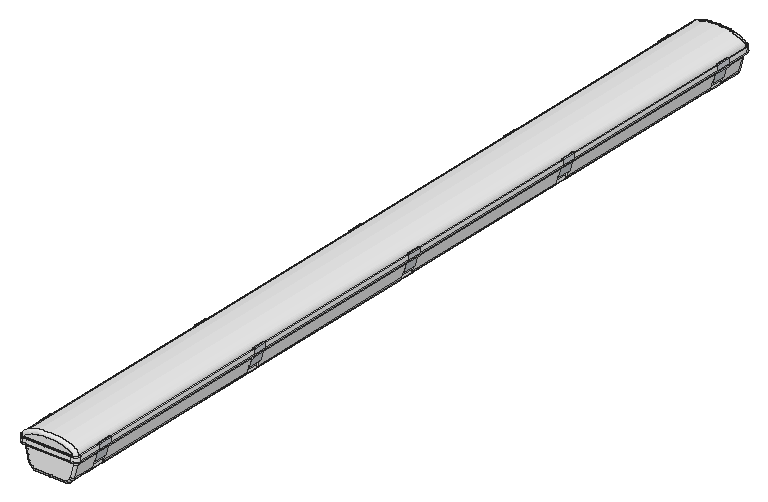
Revit family "0067966 Sylvania Lighting Fixture START Waterproof Twin 1500 IP65 7100lm 865", category Lighting Fixtures, host Face, Revit 2016
Family settings
  Host = Face
  Part Type = Normal
  Round Connector Dimension = Use Diameter
  OmniClass Number = 23.80.70.11.14
  OmniClass Title = General Luminaries, Directional
  Cut with Voids When Loaded = No
  Light Source = Yes
  Shared = No
  Room Calculation Point = No
Parameters (values of type "0067966 ST WTRPRF T 1500 IP65 7100LM 865")
  Width = 110 mm
  Weight = "2.42 kg"
  Wattage Comments = "n/a"
  Wattage = 58 W
  WarrantyStartDate [instance] = "n/a"
  WarrantyGuarantorParts = "n/a"
  WarrantyDurationUnit = "n/a"
  WarrantyDurationParts = "n/a"
  WarrantyDescription = "n/a"
  built-in parameter 1150110 = 1 (stored number, unit not read)
  Voltage = 0 V
  URL = "http://www.sylvania-lighting.com"
  TypeName = "START Waterproof Twin 1500 IP65 7100lm 865"
  Type Image = <None>
  Type Comments = "n/a"
  built-in parameter 1114217 = 1 (stored number, unit not read)
  Tilt Angle = -90.00°
  built-in parameter 1150109 = 1 (stored number, unit not read)
  built-in parameter 1150134 = 1
  built-in parameter 1150113 = 1 (stored number, unit not read)
  SerialNumber [instance] = "n/a"
  ReflectorMaterial = none
  PowerFactor = 0
  PowerConsumption = "58 W"
  Photometric Web File = "0067966.ies"
  NominalWidth = 0 mm
  NominalLength = 1578 mm
  NominalHeight = 78 mm
  Name = "START Waterproof Twin 1500 IP65 7100lm 865"
  ModelReference = "START Waterproof Twin 1500 IP65 7100lm 865"
  ModelNumber = "0067966"
  Model = "START Waterproof Twin 1500 IP65 7100lm 865"
  Material = "polycarbonate housing, polycarbonate diffuser"
  ManufacturerName = "Feilo Sylvania"
  Manufacturer = "Feilo Sylvania"
  LuminousEfficacy = "122 lm/W"
  built-in parameter 1150105 = 563.09 (stored number, unit not read)
  Lumens = 7076 lm
  LuminaireType = ""
  built-in parameter 1150115 = 1 (stored number, unit not read)
  LightOutputRatio = "n/a"
  built-in parameter 1150137 = (empty or 0)
  built-in parameter 1150139 = (empty or 0)
  Length = 1572 mm
  LampsType = Lamp  # "LED"
  LampNominalLuminous = "7050 lm"
  LampMacAdamStep = "n/a"
  LampColourTemperature = "6500 K"
  LampColourRenderingIndex = "80"
  built-in parameter 1150112 = 1 (stored number, unit not read)
  built-in parameter 1150114 = 1 (stored number, unit not read)
  Lamp = "LED"
  Keynote = "16500"
  InstallationDate [instance] = "n/a"
  InputVoltage = "n/a"
  InputNominalFrequency = "n/a"
  built-in parameter 1150132 = (empty or 0)
  built-in parameter 1150102 = (empty or 0)
  built-in parameter 1150107 = 6500 (stored number, unit not read)
  built-in parameter 1150138 = (empty or 0)
  IngressProtection = "IP65"
  ImpactProtectionIndex = "IK08"
  built-in parameter 1150106 = 5.6309 (stored number, unit not read)
  IfcExportType = "IfcLightFixtureType"
  IfcExportAs = "IfcLightFixtureType"
  ExpectedLife = 50000
  Emit from Rectangle Width = Width - 20 mm  # 90 mm
  Emit from Rectangle Length = Length - 20 mm  # 1552 mm
  Emit Shape Visible in Rendering = no
  ElectricShockClassification = "Class I"
  built-in parameter 1150104 = 11.334 (stored number, unit not read)
  DurationUnit = "hours"
  DocumentationLiterature = "http://www.sylvania-lighting.com/product/en-int/products/0067966"
  DimmingControlOptions = "n/a"
  Dimming Lamp Color Temperature Shift = <None>
  DiffuserMaterial = Diffuser-Sylvania-Transparent
  Description = "Start Waterproof, integrated LED weatherproof luminaire, with UV stabilized flat diffuser and linear prisms designed to achieve uniform lit appearance, optimise light output and to reduce glare, stainless steel diffuser clips and fixing brackets for surface mounting. Polycarbonate housing, Polycarbonate diffuser, 7050lm, 58W, 122lm/W, 6500K, drive current 700mA, non dimmable, CRI80, IP65, IK08, Class I, nominal average lifetime (h): 50000, 1578mm x 110mm x 78mm, energy class: A++ A+ A"
  Default Elevation = 1219.2 mm
  CreatedOn = "11/27/2018"
  CreatedBy = "@sylvania-lighting.com"
  Cost = 0
  Color Filter = 16777215
  built-in parameter 1114216 [instance] = (empty or 0)
  ClassificationValue = "EF_70_80"
  ClassificationName = "Uniclass2015"
  BodyMaterial = Body-Sylvania-Gray
  BarCode [instance] = "n/a"
  built-in parameter 1114218 = 1 (stored number, unit not read)
  built-in parameter 1150133 = 10 (stored number, unit not read)
  AssetType = "Fixed"
  AssetIdentifier [instance] = "n/a"
  Assembly Code = "D5020200"
  Apparent Load = 58 VA
  AccessoryMaterial = Diffuser-Sylvania-Glow
Reference planes
  plane 1 "Center (Front/Back)": y = 0
  plane 2: z = 0
  plane 3 "Center (Left/Right)": x = 0
  plane 4: z = 54
  plane 5: x = -27.7
  plane 6: x = -34.8
  plane 7: x = -39.6
  plane 8: x = -42.2
  plane 9: z = 3
  plane 10: z = 7.8
  plane 11: z = 12.3
  plane 12: z = 36.6
  plane 13: z = 42.8
  plane 14: x = -51.1
  plane 15: z = 46.2
  plane 16: x = -55
  plane 17: y = 786
  plane 18: y = -786
  plane 19: x = 27.7
  plane 20: x = 34.8
  plane 21: x = 39.6
  plane 22: x = 42.2
  plane 23: x = 51.1
  plane 24: x = 55
  plane 25: y = 778.4
  plane 26: y = -778.4
  plane 27: y = -774.7
  plane 28: y = 774.7
  plane 29: z = 74
  plane 30: x = -51.5
  plane 31: x = 51.5
  plane 32: z = 55.2
  plane 33: y = -782.5
  plane 34: y = 782.5
  plane 35: x = -37.5
  plane 36: x = 37.5
  plane 37: x = -48.7
  plane 38: x = 48.7
  plane 39: x = 18
  plane 40: x = -18
  plane 41: z = 50.2
  plane 42: z = 24.6
  plane 43: y = 720
  plane 44: y = 706
  plane 45: y = 734
  plane 46: y = -720
  plane 47: y = 720
  plane 48: y = 706
  plane 49: y = 734
  plane 50: y = -720
  plane 51: y = -734
  plane 52: y = -706
  plane 53: y = 360
  plane 54: y = 346
  plane 55: y = 374
  plane 56: y = 0
  plane 57: y = -14
  plane 58: y = 14
  plane 59: y = -360
  plane 60: y = -374
  plane 61: y = -346
Forms (mm)
  Sweep 1, solid, material "Body-Sylvania-Gray" <- "BodyMaterial", detail levels medium+fine
    path origin (1223.4, -4572, 54) x (0, -1, 0) y (1, 0, 0)
      loop
        arc (-3796, -1278.4) -> (-3788.929, -1275.471) -> (-3786, -1268.4) r 10
        line (-3786, -1268.4) -> (-3786, -1178.4)
        arc (-3786, -1178.4) -> (-3788.929, -1171.329) -> (-3796, -1168.4) r 10
        line (-3796, -1168.4) -> (-5348, -1168.4)
        arc (-5348, -1168.4) -> (-5355.071, -1171.329) -> (-5358, -1178.4) r 10
        line (-5358, -1178.4) -> (-5358, -1268.4)
        arc (-5358, -1268.4) -> (-5355.071, -1275.471) -> (-5348, -1278.4) r 10
        line (-5348, -1278.4) -> (-3796, -1278.4)
    profile origin (-55, 0, 54) x (-1, 0, 0) y (0, 0, 1)
      loop
        line (0, 0) -> (-1, 0) -> (-1, -7.726)
        arc (-1, -7.726) -> (-1.994, -9.498) -> (-3.9, -10.2) r 2.937
        line (-3.9, -10.2) -> (-8.571, -10.2) -> (-8.571, -11.2) -> (-3.9, -11.2)
        arc (-3.9, -11.2) -> (-1.313, -10.231) -> (0, -7.8) r 3.937
        line (0, -7.8) -> (0, 0)
  Sweep 2, solid, material "Body-Sylvania-Gray" <- "BodyMaterial", detail levels medium+fine
    path origin (0, 0, 0) x (1, 0, 0) y (0, 0, 1)
      loop
        line (48.7, 42.8) -> (48.7, 36.6) -> (42.203, 12.31)
        arc (42.203, 12.31) -> (41.199, 9.884) -> (39.6, 7.8) r 10.052
        line (39.6, 7.8) -> (34.8, 3)
        arc (34.8, 3) -> (31.554, 0.781) -> (27.7, 0) r 9.902
        line (27.7, 0) -> (0, 0) -> (-27.7, 0)
        arc (-27.7, 0) -> (-31.554, 0.781) -> (-34.8, 3) r 9.902
        line (-34.8, 3) -> (-39.6, 7.8)
        arc (-39.6, 7.8) -> (-41.199, 9.884) -> (-42.203, 12.31) r 10.052
        line (-42.203, 12.31) -> (-48.7, 36.6) -> (-48.7, 42.8)
    profile origin (0, 0, 0) x (0, 0, -1) y (0, -1, 0)
      loop
        arc (0, 773.4) -> (-1.464, 776.936) -> (-5, 778.4) r 5
        line (-5, 778.4) -> (-7.8, 778.4) -> (-7.8, -778.4) -> (-5, -778.4)
        arc (-5, -778.4) -> (-1.464, -776.936) -> (0, -773.4) r 5
        line (0, -773.4) -> (0, 773.4)
  Extrusion 3, solid, material "Body-Sylvania-Gray" <- "BodyMaterial", detail levels medium+fine
    sketch origin (1524, 778.4, 1219.2) x (1, 0, 0) y (0, 0, 1)
      loop
        arc (-1558.668, -1204.874) -> (-1558.443, -1205.418) -> (-1558.085, -1205.885) r 2.252
        line (-1558.085, -1205.885) -> (-1553.231, -1210.738)
        arc (-1553.231, -1210.738) -> (-1552.534, -1211.227) -> (-1551.7, -1211.4) r 2.102
        line (-1551.7, -1211.4) -> (-1496.3, -1211.4)
        arc (-1496.3, -1211.4) -> (-1495.466, -1211.227) -> (-1494.769, -1210.738) r 2.102
        line (-1494.769, -1210.738) -> (-1489.915, -1205.885)
        arc (-1489.915, -1205.885) -> (-1489.557, -1205.418) -> (-1489.332, -1204.874) r 2.252
        line (-1489.332, -1204.874) -> (-1483.1, -1181.575) -> (-1483.1, -1176.4) -> (-1564.9, -1176.4) -> (-1564.9, -1181.575) -> (-1558.668, -1204.874)
    from 0 to 1556.8
  Sweep 4, solid, material "Diffuser-Sylvania-Transparent" <- "DiffuserMaterial", detail levels medium+fine
    path origin (0, 0, 0) x (1, 0, 0) y (0, 0, 1)
      loop
        spline (-51.5, 55.2) -> (-49.745, 60.066) -> (-44.6, 64.6) -> (-36.416, 68.494) -> (-25.75, 71.481) -> (-13.329, 73.359) -> (0, 74) -> (13.329, 73.359) -> (25.75, 71.481) -> (36.416, 68.494) -> (44.6, 64.6) -> (49.745, 60.066) -> (51.5, 55.2)
    profile origin (51.5, 0, 55.2) x (0, -1, 0) y (1, 0, 0)
      loop
        arc (782.5, -5.5) -> (780.889, -1.611) -> (777, 0) r 5.5
        line (777, 0) -> (-777, 0)
        arc (-777, 0) -> (-780.889, -1.611) -> (-782.5, -5.5) r 5.5
        line (-782.5, -5.5) -> (-782.5, -6.3) -> (-781.5, -6.3) -> (-781.5, -5.5)
        arc (-781.5, -5.5) -> (-780.182, -2.318) -> (-777, -1) r 4.5
        line (-777, -1) -> (777, -1)
        arc (777, -1) -> (780.182, -2.318) -> (781.5, -5.5) r 4.5
        line (781.5, -5.5) -> (781.5, -6.347) -> (782.5, -6.347) -> (782.5, -5.5)
  Extrusion 5, solid, material "Diffuser-Sylvania-Transparent" <- "DiffuserMaterial", detail levels medium+fine
    sketch origin (1524, -782.5, 1219.2) x (1, 0, 0) y (0, 0, 1)
      loop
        line (-1569.653, -1164) -> (-1478.347, -1164)
        spline (-1478.347, -1164) -> (-1478.969, -1162.594) -> (-1482.527, -1159.545) -> (-1489.588, -1156.201) -> (-1499.458, -1153.445) -> (-1511.242, -1151.663) -> (-1524, -1151.049) -> (-1536.758, -1151.663) -> (-1548.542, -1153.445) -> (-1558.412, -1156.201) -> (-1565.473, -1159.545) -> (-1569.031, -1162.594) -> (-1569.653, -1164)
    from 0 to -1
  Extrusion 6, solid, material "Diffuser-Sylvania-Transparent" <- "DiffuserMaterial", detail levels medium+fine
    sketch origin (1524, 782.5, 1219.2) x (1, 0, 0) y (0, 0, 1)
      loop
        spline (-1478.3, -1164) -> (-1478.931, -1162.565) -> (-1482.502, -1159.505) -> (-1489.572, -1156.155) -> (-1499.446, -1153.394) -> (-1511.236, -1151.614) -> (-1524, -1151.007) -> (-1536.764, -1151.614) -> (-1548.554, -1153.394) -> (-1558.428, -1156.155) -> (-1565.498, -1159.505) -> (-1569.069, -1162.565) -> (-1569.7, -1164)
        line (-1569.7, -1164) -> (-1478.3, -1164)
    from 0 to 1
  Extrusion 7, solid, material "Diffuser-Sylvania-Transparent" <- "DiffuserMaterial", detail levels medium+fine
    sketch origin (1223.4, -4572, 55.2) x (0, -1, 0) y (-1, 0, 0)
      loop
        arc (-5353.5, 1177.4) -> (-5352.182, 1174.218) -> (-5349, 1172.9) r 4.5
        line (-5349, 1172.9) -> (-3795, 1172.9)
        arc (-3795, 1172.9) -> (-3791.818, 1174.218) -> (-3790.5, 1177.4) r 4.5
        line (-3790.5, 1177.4) -> (-3790.5, 1269.4)
        arc (-3790.5, 1269.4) -> (-3791.818, 1272.582) -> (-3795, 1273.9) r 4.5
        line (-3795, 1273.9) -> (-5349, 1273.9)
        arc (-5349, 1273.9) -> (-5352.182, 1272.582) -> (-5353.5, 1269.4) r 4.5
        line (-5353.5, 1269.4) -> (-5353.5, 1177.4)
      loop
        line (-5358, 1268.4) -> (-5358, 1178.4)
        arc (-5358, 1178.4) -> (-5355.071, 1171.329) -> (-5348, 1168.4) r 10
        line (-5348, 1168.4) -> (-3796, 1168.4)
        arc (-3796, 1168.4) -> (-3788.929, 1171.329) -> (-3786, 1178.4) r 10
        line (-3786, 1178.4) -> (-3786, 1268.4)
        arc (-3786, 1268.4) -> (-3788.929, 1275.471) -> (-3796, 1278.4) r 10
        line (-3796, 1278.4) -> (-5348, 1278.4)
        arc (-5348, 1278.4) -> (-5355.071, 1275.471) -> (-5358, 1268.4) r 10
    from 0 to 1.2
  Extrusion 8, solid, material "Diffuser-Sylvania-Glow" <- "AccessoryMaterial", detail levels fine
    sketch origin (0, 0, 0) x (1, 0, 0) y (0, 0, 1)
      loop
        circle (-18, 50.2) r 8
      loop
        circle (18, 50.2) r 8
    from -774.7 to 774.7
  Extrusion 9, void
    sketch origin (0, 720, 2343.807) x (0, 0, -1) y (-1, 0, 0)
      loop
        line (2340.807, -37.5) -> (2331.507, -37.5) -> (2319.207, -42.2) -> (2319.207, -48.7) -> (2340.807, -48.7) -> (2340.807, -37.5)
      loop
        line (2340.807, 37.5) -> (2340.807, 48.7) -> (2319.207, 48.7) -> (2319.207, 42.2) -> (2331.507, 37.5) -> (2340.807, 37.5)
    from -14 to 14
  Extrusion 10, solid, material "Body-Sylvania-Gray" <- "BodyMaterial", detail levels coarse
    sketch origin (0, 0, 0) x (1, 0, 0) y (0, 0, 1)
      loop
        line (55, 42.8) -> (55, 55.2) -> (-55, 55.2) -> (-55, 42.791) -> (-42.2, 0) -> (42.2, 0) -> (55, 42.8)
    from -786 to 786
  Extrusion 11, solid, material "Diffuser-Sylvania-Transparent" <- "DiffuserMaterial", detail levels coarse
    sketch origin (0, 0, 0) x (1, 0, 0) y (0, 0, 1)
      loop
        arc (51.5, 55.2) -> (0, 74) -> (-51.5, 55.2) r 79.939
        line (-51.5, 55.2) -> (51.5, 55.2)
    from 778.4 to -778.4
  Extrusion 12, void, not visible
    sketch origin (0, 720, 2343.807) x (0, 0, -1) y (-1, 0, 0)
      loop
        line (2340.807, -37.5) -> (2331.507, -37.5) -> (2319.207, -42.2) -> (2319.207, -48.7) -> (2340.807, -48.7) -> (2340.807, -37.5)
      loop
        line (2340.807, 37.5) -> (2340.807, 48.7) -> (2319.207, 48.7) -> (2319.207, 42.2) -> (2331.507, 37.5) -> (2340.807, 37.5)
    from -14 to 14
  Extrusion 13, void
    sketch origin (0, -720, 2343.807) x (0, 0, -1) y (-1, 0, 0)
      loop
        line (2340.807, -37.5) -> (2331.507, -37.5) -> (2319.207, -42.2) -> (2319.207, -48.7) -> (2340.807, -48.7) -> (2340.807, -37.5)
      loop
        line (2340.807, 37.5) -> (2340.807, 48.7) -> (2319.207, 48.7) -> (2319.207, 42.2) -> (2331.507, 37.5) -> (2340.807, 37.5)
    from -14 to 14
  Extrusion 14, void
    sketch origin (0, 360, 2343.807) x (0, 0, -1) y (-1, 0, 0)
      loop
        line (2340.807, -37.5) -> (2331.507, -37.5) -> (2319.207, -42.2) -> (2319.207, -48.7) -> (2340.807, -48.7) -> (2340.807, -37.5)
      loop
        line (2340.807, 37.5) -> (2340.807, 48.7) -> (2319.207, 48.7) -> (2319.207, 42.2) -> (2331.507, 37.5) -> (2340.807, 37.5)
    from -14 to 14
  Extrusion 15, void
    sketch origin (0, 0, 2343.807) x (0, 0, -1) y (-1, 0, 0)
      loop
        line (2340.807, -37.5) -> (2331.507, -37.5) -> (2319.207, -42.2) -> (2319.207, -48.7) -> (2340.807, -48.7) -> (2340.807, -37.5)
      loop
        line (2340.807, 37.5) -> (2340.807, 48.7) -> (2319.207, 48.7) -> (2319.207, 42.2) -> (2331.507, 37.5) -> (2340.807, 37.5)
    from -14 to 14
  Extrusion 16, void
    sketch origin (0, -360, 2343.807) x (0, 0, -1) y (-1, 0, 0)
      loop
        line (2340.807, -37.5) -> (2331.507, -37.5) -> (2319.207, -42.2) -> (2319.207, -48.7) -> (2340.807, -48.7) -> (2340.807, -37.5)
      loop
        line (2340.807, 37.5) -> (2340.807, 48.7) -> (2319.207, 48.7) -> (2319.207, 42.2) -> (2331.507, 37.5) -> (2340.807, 37.5)
    from -14 to 14
Cuts and joins
  Extrusion 9, Extrusion 13, Extrusion 14, Extrusion 15, Extrusion 16 cuts Sweep 2
  Extrusion 13, Extrusion 14, Extrusion 15, Extrusion 16 cuts Extrusion 3
  joined: Sweep 2, Extrusion 3
  joined: Sweep 4, Extrusion 5, Extrusion 6
Dimensions and locks
  locked: plane 4 to plane 2 at 54
  plane 5 to plane 6 to plane 7 to plane 8 to plane 14 to plane 16 = 7.1 mm locked, 4.8 mm locked, 2.6 mm locked, 8.9 mm, 3.9 mm
  plane 4 to plane 15 to plane 13 to plane 12 to plane 11 to plane 10 to plane 9 = 7.8 mm locked, 3.4 mm, 6.2 mm locked, 24.3 mm locked, 4.5 mm locked, 4.8 mm locked
  equal spacing: plane 18, plane 1 "Center (Front/Back)", plane 17
  "Length": plane 18 to plane 17
  plane 19 to plane 20 to plane 21 to plane 22 to plane 23 to plane 24 = 7.1 mm locked, 4.8 mm locked, 2.6 mm locked, 8.9 mm, 3.9 mm
  equal spacing: plane 24, plane 3 "Center (Left/Right)", plane 16
  "Width": plane 24 to plane 16
  equal spacing: plane 27, plane 1 "Center (Front/Back)", plane 28
  locked: plane 26 to plane 27 at 3.7
  locked: Sweep 1 sketch curve to profile plane at 1
  locked: Sweep 1 sketch curve to plane 13 at 1
  locked: Sweep 1 sketch curve to plane 13 at 3.937  (x2)
  locked: Sweep 1 sketch curve to profile plane at 3.9  (x2)
  locked: plane 29 to plane 4 at 20
  equal spacing: plane 31, plane 3 "Center (Left/Right)", plane 30
  locked: plane 30 to plane 16 at 3.5
  locked: plane 32 to plane 4 at 1.2
  equal spacing: plane 33, plane 1 "Center (Front/Back)", plane 34
  equal spacing: plane 36, plane 3 "Center (Left/Right)", plane 35
  locked: plane 3 "Center (Left/Right)" to plane 35 at 37.5
  locked: plane 34 to plane 17 at 3.5
  equal spacing: plane 38, plane 3 "Center (Left/Right)", plane 37
  locked: plane 37 to plane 16 at 6.3
  equal spacing: plane 25, plane 1 "Center (Front/Back)", plane 26
  locked: plane 17 to plane 25 at 7.6
  locked: Sweep 2 sketch curve to plane 2 at 5  (x2)
  locked: Sweep 2 sketch curve to plane 26 at 5
  locked: plane 25 to Sweep 2 sketch curve at 5
  locked: Sweep 4 sketch curve to plane 31 at 5.5  (x2)
  locked: Sweep 4 sketch curve to plane 34 at 5.5
  plane 33 to Sweep 4 sketch curve = 5.5 mm
  locked: plane 34 to Sweep 4 sketch curve at 1
  locked: Sweep 4 sketch curve to plane 31 at 1
  locked: Sweep 4 sketch curve to Sweep 4 sketch curve at 1
  locked: Sweep 4 sketch curve to plane 31 at 6.347
  locked: Sweep 4 sketch curve to plane 31 at 6.3
  equal spacing: plane 39, plane 3 "Center (Left/Right)", plane 40
  locked: plane 3 "Center (Left/Right)" to plane 40 at 18
  locked: plane 42 to plane 2 at 24.6
  plane 45 to plane 43 to plane 44 = 14 mm locked, 14 mm locked
  locked: plane 17 to plane 43 at 66
  equal spacing: plane 43, plane 1 "Center (Front/Back)", plane 46
  plane 49 to plane 47 to plane 48 = 14 mm locked, 14 mm locked
  plane 52 to plane 50 to plane 51 = 14 mm locked, 14 mm locked  (x2)
  equal spacing: group 1, group 6, group 7, group 8, group 5  (x2)
  equal spacing: group 5, group 8, group 7, group 6, group 1
  plane 55 to plane 53 to plane 54 = 14 mm locked, 14 mm locked  (x2)
  plane 58 to plane 56 to plane 57 = 14 mm locked, 14 mm locked  (x2)
  plane 61 to plane 59 to plane 60 = 14 mm locked, 14 mm locked  (x2)
  plane 43 to plane 53 to plane 1 "Center (Front/Back)" to plane 59 to plane 50 = 360 mm locked, 360 mm locked, 360 mm locked, 360 mm locked
  aligned and locked: plane 2 to host face
  aligned and locked: level to host face
  aligned and locked: plane 16 to Sweep 1 sketch curve
  aligned and locked: Sweep 1 sketch curve to plane 24
  aligned and locked: plane 18 to Sweep 1 sketch curve
  aligned and locked: Sweep 1 sketch curve to plane 13
  aligned and locked: profile plane to Sweep 1 sketch curve
  aligned and locked: plane 3 "Center (Left/Right)" to Sweep 2 sketch curve
  aligned and locked: plane 9 to Sweep 2 sketch curve
  aligned and locked: plane 10 to Sweep 2 sketch curve
  aligned and locked: plane 37 to Sweep 2 sketch curve
  aligned and locked: plane 12 to Sweep 2 sketch curve
  aligned and locked: Sweep 2 sketch curve to level
  aligned and locked: plane 21 to Sweep 2 sketch curve
  aligned and locked: plane 38 to Sweep 2 sketch curve
  aligned and locked: profile plane to Sweep 2 sketch curve
  aligned and locked: plane 25 to Sweep 2 sketch curve
  aligned and locked: Sweep 2 sketch curve to plane 10
  aligned and locked: Extrusion 3 sketch curve to Sweep 2  (x7)
  aligned and locked: Sweep 2 to Extrusion 3 sketch curve
  aligned and locked: Extrusion 3 to plane 25
  aligned and locked: plane 26 to Extrusion 3
  aligned and locked: plane 32 to Sweep 4 sketch curve
  aligned and locked: plane 33 to Sweep 4 sketch curve
  aligned and locked: Sweep 4 to Extrusion 5
  aligned and locked: plane 33 to Extrusion 5
  aligned and locked: Extrusion 5 sketch curve to Sweep 4
  aligned and locked: cut or joined group of Sweep 4, Extrusion 5, Extrusion 6 to Extrusion 6 sketch curve
  aligned and locked: Extrusion 7 sketch curve to cut or joined group of Sweep 4, Extrusion 5, Extrusion 6  (x2)
  aligned and locked: cut or joined group of Sweep 4, Extrusion 5, Extrusion 6 to Extrusion 7 sketch curve  (x2)
  aligned and locked: plane 41 to Extrusion 8 sketch curve  (x2)
  aligned and locked: plane 39 to Extrusion 8 sketch curve
  aligned and locked: plane 27 to Extrusion 8
  aligned and locked: Extrusion 8 to plane 28
  aligned and locked: Extrusion 9 to plane 42
  aligned and locked: plane 9 to Extrusion 9
  aligned and locked: plane 44 to Extrusion 9
  aligned and locked: Extrusion 9 to plane 45
  aligned and locked: Extrusion 7 sketch curve to Sweep 1  (x4)
  aligned and locked: plane 4 to Extrusion 7
  aligned and locked: Extrusion 7 to plane 32
  aligned and locked: nested 2 to plane 43
  aligned and locked: plane 43 to nested 1
  aligned and locked: Extrusion 10 sketch curve to plane 24
  aligned and locked: Extrusion 10 sketch curve to Extrusion 7
  aligned and locked: plane 8 to Extrusion 10 sketch curve
  aligned and locked: plane 22 to Extrusion 10 sketch curve
  aligned and locked: level to Extrusion 10 sketch curve
  aligned and locked: Extrusion 10 to plane 17
  aligned and locked: plane 18 to Extrusion 10
  aligned and locked: cut or joined group of Sweep 4, Extrusion 5, Extrusion 6 to Extrusion 11 sketch curve
  aligned and locked: Extrusion 11 sketch curve to cut or joined group of Sweep 4, Extrusion 5, Extrusion 6  (x2)
  aligned and locked: plane 31 to Extrusion 11 sketch curve
  aligned and locked: plane 30 to Extrusion 11 sketch curve
  aligned and locked: plane 26 to Extrusion 11
  aligned and locked: Extrusion 11 to plane 25
  aligned and locked: imposter light to plane 29
  aligned and locked: plane 3 "Center (Left/Right)" to imposter light
  aligned and locked: plane 1 "Center (Front/Back)" to imposter light
  aligned and locked: plane 51 to Extrusion 13
  aligned and locked: Extrusion 13 to plane 52
  aligned and locked: plane 54 to Extrusion 14
  aligned and locked: Extrusion 14 to plane 55
  aligned and locked: plane 57 to Extrusion 15
  aligned and locked: Extrusion 15 to plane 58
  aligned and locked: plane 60 to Extrusion 16
  aligned and locked: Extrusion 16 to plane 61
  aligned and locked: nested 3 to plane 53
  aligned and locked: plane 53 to nested 10
  aligned and locked: nested 4 to plane 56
  aligned and locked: plane 56 to nested 9
  aligned and locked: nested 5 to plane 59
  aligned and locked: plane 59 to nested 8
  aligned and locked: nested 6 to plane 50
  aligned and locked: plane 50 to nested 7
Automatic sketch dimensions
  host sketch curve to host sketch curve = 2438.4 mm  (x2)
  plane 17 to Sweep 1 sketch curve = 0 mm
  Sweep 1 sketch curve to plane 28 = 1.3 mm
  Sweep 1 sketch curve to plane 7 = 5.4 mm
  plane 27 to Sweep 1 sketch curve = 1.3 mm  (x2)
  Sweep 1 sketch curve to Sweep 1 sketch curve = 4.671 mm
  Sweep 1 sketch curve to plane 4 = 0 mm
  Sweep 2 sketch curve to plane 7 = 0 mm
  Sweep 2 sketch curve to plane 6 = 0 mm
  Sweep 2 sketch curve to plane 5 = 0 mm
  plane 19 to Sweep 2 sketch curve = 0 mm
  Sweep 2 sketch curve to plane 9 = 0 mm
  plane 20 to Sweep 2 sketch curve = 0 mm
  Sweep 2 sketch curve to plane 12 = 0 mm
  Sweep 2 sketch curve to plane 10 = 0 mm
  Sweep 2 sketch curve to plane 13 = 0 mm  (x2)
  Sweep 2 sketch curve to plane 8 = 0.003 mm
  plane 6 to Sweep 2 sketch curve = 2.308 mm
  plane 20 to Sweep 2 sketch curve = 2.308 mm
  Sweep 2 sketch curve to plane 22 = 0.003 mm
  Sweep 2 sketch curve to plane 11 = 0.01 mm  (x2)
  Extrusion 3 sketch curve to plane 5 = 0 mm
  plane 19 to Extrusion 3 sketch curve = 0 mm
  plane 6 to Extrusion 3 sketch curve = 0.132 mm
  plane 6 to Extrusion 3 sketch curve = 0.715 mm
  Extrusion 3 sketch curve to Extrusion 3 sketch curve = 1.592 mm
  Extrusion 3 sketch curve to plane 10 = 0.662 mm  (x2)
  plane 20 to Extrusion 3 sketch curve = 2.308 mm
  plane 20 to Extrusion 3 sketch curve = 0.715 mm
  plane 20 to Extrusion 3 sketch curve = 0.132 mm
  Sweep 4 sketch curve to plane 30 = 0 mm
  Sweep 4 sketch curve to plane 3 "Center (Left/Right)" = 0 mm
  Sweep 4 sketch curve to Sweep 4 sketch curve = 0 mm  (x2)
  plane 37 to Extrusion 5 sketch curve = 3.047 mm
  Extrusion 5 sketch curve to plane 38 = 3.047 mm
  plane 37 to Extrusion 6 sketch curve = 3 mm
  Extrusion 6 sketch curve to plane 38 = 3 mm
  plane 25 to Extrusion 7 sketch curve = 1.4 mm  (x2)
  Extrusion 7 sketch curve to plane 26 = 1.4 mm  (x2)
  Extrusion 8 sketch curve to plane 40 = 0 mm
  Extrusion 9 sketch curve to Extrusion 9 sketch curve = 0 mm
  Extrusion 9 sketch curve to Extrusion 9 sketch curve = 12.3 mm  (x2)
  Extrusion 9 sketch curve to Extrusion 9 sketch curve = 9.3 mm  (x2)
  Extrusion 9 sketch curve to Extrusion 9 sketch curve = 6.5 mm
  Extrusion 9 sketch curve to Extrusion 9 sketch curve = 4.7 mm  (x2)
  Extrusion 9 sketch curve to Extrusion 9 sketch curve = 75 mm
  Extrusion 9 sketch curve to Extrusion 9 sketch curve = 11.2 mm
  Extrusion 10 sketch curve to plane 13 = 0 mm
  plane 13 to Extrusion 10 sketch curve = 0.009 mm
  Extrusion 11 sketch curve to level = 5.939 mm
  Extrusion 10 sketch curve to plane 16 = 0 mm
  Extrusion 12 sketch curve to Extrusion 12 sketch curve = 0 mm
  Extrusion 12 sketch curve to Extrusion 12 sketch curve = 12.3 mm  (x2)
  Extrusion 12 sketch curve to Extrusion 12 sketch curve = 9.3 mm  (x2)
  Extrusion 12 sketch curve to Extrusion 12 sketch curve = 6.5 mm
  Extrusion 12 sketch curve to Extrusion 12 sketch curve = 4.7 mm  (x2)
  Extrusion 12 sketch curve to Extrusion 12 sketch curve = 75 mm
  Extrusion 12 sketch curve to Extrusion 12 sketch curve = 11.2 mm
  Extrusion 13 sketch curve to Extrusion 13 sketch curve = 0 mm
  Extrusion 13 sketch curve to Extrusion 13 sketch curve = 12.3 mm  (x2)
  Extrusion 13 sketch curve to Extrusion 13 sketch curve = 9.3 mm  (x2)
  Extrusion 13 sketch curve to Extrusion 13 sketch curve = 6.5 mm
  Extrusion 13 sketch curve to Extrusion 13 sketch curve = 4.7 mm  (x2)
  Extrusion 13 sketch curve to Extrusion 13 sketch curve = 75 mm
  Extrusion 13 sketch curve to Extrusion 13 sketch curve = 11.2 mm
  Extrusion 14 sketch curve to Extrusion 14 sketch curve = 0 mm
  Extrusion 14 sketch curve to Extrusion 14 sketch curve = 12.3 mm  (x2)
  Extrusion 14 sketch curve to Extrusion 14 sketch curve = 9.3 mm  (x2)
  Extrusion 14 sketch curve to Extrusion 14 sketch curve = 6.5 mm
  Extrusion 14 sketch curve to Extrusion 14 sketch curve = 4.7 mm  (x2)
  Extrusion 14 sketch curve to Extrusion 14 sketch curve = 75 mm
  Extrusion 14 sketch curve to Extrusion 14 sketch curve = 11.2 mm
  Extrusion 15 sketch curve to Extrusion 15 sketch curve = 0 mm
  Extrusion 15 sketch curve to Extrusion 15 sketch curve = 12.3 mm  (x2)
  Extrusion 15 sketch curve to Extrusion 15 sketch curve = 9.3 mm  (x2)
  Extrusion 15 sketch curve to Extrusion 15 sketch curve = 6.5 mm
  Extrusion 15 sketch curve to Extrusion 15 sketch curve = 4.7 mm  (x2)
  Extrusion 15 sketch curve to Extrusion 15 sketch curve = 75 mm
  Extrusion 15 sketch curve to Extrusion 15 sketch curve = 11.2 mm
  Extrusion 16 sketch curve to Extrusion 16 sketch curve = 0 mm
  Extrusion 16 sketch curve to Extrusion 16 sketch curve = 12.3 mm  (x2)
  Extrusion 16 sketch curve to Extrusion 16 sketch curve = 9.3 mm  (x2)
  Extrusion 16 sketch curve to Extrusion 16 sketch curve = 6.5 mm
  Extrusion 16 sketch curve to Extrusion 16 sketch curve = 4.7 mm  (x2)
  Extrusion 16 sketch curve to Extrusion 16 sketch curve = 75 mm
  Extrusion 16 sketch curve to Extrusion 16 sketch curve = 11.2 mm
  radius of Extrusion 8 sketch curve = 8 mm  (x2)
Nested families
  nested 1: "Clip" at (42.2, 720, 24.6), type "Clip", detail levels fine
  nested 2: "Clip" at (-42.2, 720, 24.6) x (-1, 0, 0) z (0, 0, 1), type "Clip", detail levels fine
  nested 3: "Clip" at (-42.2, 360, 24.6) x (-1, 0, 0) z (0, 0, 1), type "Clip", detail levels fine
  nested 4: "Clip" at (-42.2, 0, 24.6) x (-1, 0, 0) z (0, 0, 1), type "Clip", detail levels fine
  nested 5: "Clip" at (-42.2, -360, 24.6) x (-1, 0, 0) z (0, 0, 1), type "Clip", detail levels fine
  nested 6: "Clip" at (-42.2, -720, 24.6) x (-1, 0, 0) z (0, 0, 1), type "Clip", detail levels fine
  nested 7: "Clip" at (42.2, -720, 24.6), type "Clip", detail levels fine
  nested 8: "Clip" at (42.2, -360, 24.6), type "Clip", detail levels fine
  nested 9: "Clip" at (42.2, 0, 24.6), type "Clip", detail levels fine
  nested 10: "Clip" at (42.2, 360, 24.6), type "Clip", detail levels fine
Connectors
  electrical at (0, 0, 0), driven by "Apparent Load"
    settings: index 1, voltage 230 V, apparent load 58 VA, apparent load phase1 0 VA, apparent load phase2 0 VA, apparent load phase3 0 VA, power factor 0, load classification "Lighting", number of poles 1, system type 30, power factor state 1, is connector primary yes, connector utility no, sub classification motor no, connector description ""
Definition of nested family "Clip"
  Parameters (values of type "Clip")
    URL = "http://www.feilosylvania.com"
    Type Comments = "n/a"
    Model = "n/a"
    Manufacturer = "Feilo Sylvania"
    Keynote = "n/a"
    Description = "n/a"
    Default Elevation = 1219.2 mm
    Cost = 0
    BodyMaterial = none
    Assembly Code = "n/a"
  Reference planes
    plane 1 "Center (Front/Back)": y = 0
    plane 2: z = 0
    plane 3 "Center (Left/Right)": x = 0
    plane 4: x = 3.3
    plane 5: x = 6.5
    plane 6: x = 8.9
    plane 7: x = 12.8
    plane 8: z = 12
    plane 9: z = 18.2
    plane 10: z = 21.6
    plane 11: z = 30.6
    plane 12: x = 9.3
    plane 13: z = 19.2
    plane 14: z = 16.2
    plane 15: x = 10.1
    plane 16: y = 12
    plane 17: y = -12
  Forms (mm)
    Extrusion 1, solid
      sketch origin (-0.8, 0, 0) x (1, 0, 0) y (0, 1, 0)
        loop
          line (-1219.2, 1219.2) -> (-1219.2, -1219.2) -> (1219.2, -1219.2) -> (1219.2, 1219.2) -> (-1219.2, 1219.2)
      from 0 to -304.8
    Extrusion 2, solid
      sketch origin (0, 0, 0) x (1, 0, 0) y (0, 0, 1)
        loop
          line (8.9, 16.2) -> (4.58, 0) -> (0, 0) -> (0, -0.8) -> (5.195, -0.8) -> (9.603, 15.731) -> (13.6, 18.806) -> (13.6, 30.6)
          arc (13.6, 30.6) -> (11.45, 32.75) -> (9.3, 30.6) r 2.15
          line (9.3, 30.6) -> (10.1, 30.6)
          arc (10.1, 30.6) -> (11.45, 31.95) -> (12.8, 30.6) r 1.35
          line (12.8, 30.6) -> (12.8, 19.2) -> (8.9, 16.2)
      from -12 to 12
  Lines and regions (mm)
    reference lines
      curve 1: line (3.3, 0, 0) -> (6.5, 0, 12)
      curve 2: arc (8.9, 0, 18.2) -> (11.488, 0, 19.169) -> (12.8, 0, 21.6) r 3.934
  Dimensions and locks
    plane 7 to plane 6 to plane 5 to plane 4 to plane 3 "Center (Left/Right)" = 3.9 mm locked, 2.4 mm locked, 3.2 mm locked, 3.3 mm locked
    plane 11 to plane 10 to plane 9 to plane 8 to plane 2 = 9 mm locked, 3.4 mm locked, 6.2 mm locked, 12 mm locked
    locked: plane 7 to plane 12 at 3.5
    locked: plane 13 to plane 9 at 1
    locked: plane 9 to plane 14 at 2
    locked: plane 15 to plane 12 at 0.8
    locked: plane 2 to Extrusion 2 sketch curve at 0.8
    locked: Extrusion 2 sketch curve to Extrusion 2 sketch curve at 0.8  (x3)
    locked: plane 7 to Extrusion 2 sketch curve at 1.35
    equal spacing: plane 17, plane 1 "Center (Front/Back)", plane 16
    locked: plane 1 "Center (Front/Back)" to plane 16 at 12
    aligned and locked: plane 2 to Extrusion 1
    aligned and locked: level to Extrusion 1
    aligned and locked: plane 4 to curve 1
    aligned and locked: plane 5 to curve 1
    aligned and locked: plane 6 to curve 2
    aligned and locked: plane 10 to curve 2
    aligned and locked: plane 14 to Extrusion 2 sketch curve
    aligned and locked: plane 13 to Extrusion 2 sketch curve
    aligned and locked: plane 7 to Extrusion 2 sketch curve
    aligned and locked: plane 3 "Center (Left/Right)" to Extrusion 2 sketch curve
    aligned and locked: Extrusion 2 sketch curve to level
    aligned and locked: Extrusion 2 sketch curve to plane 11
    aligned and locked: plane 11 to Extrusion 2 sketch curve
    aligned and locked: Extrusion 2 to plane 16
    aligned and locked: plane 17 to Extrusion 2
  Automatic sketch dimensions
    Extrusion 1 sketch curve to Extrusion 1 sketch curve = 2438.4 mm  (x2)
    curve 2 to plane 7 = 0 mm
    curve 1 to level = 0 mm
    curve 1 to plane 8 = 0 mm
    curve 2 to plane 9 = 0 mm
    plane 6 to curve 2 = 0.002 mm
    Extrusion 2 sketch curve to Extrusion 2 sketch curve = 0 mm
    Extrusion 2 sketch curve to plane 6 = 0 mm
    plane 4 to Extrusion 2 sketch curve = 1.28 mm
